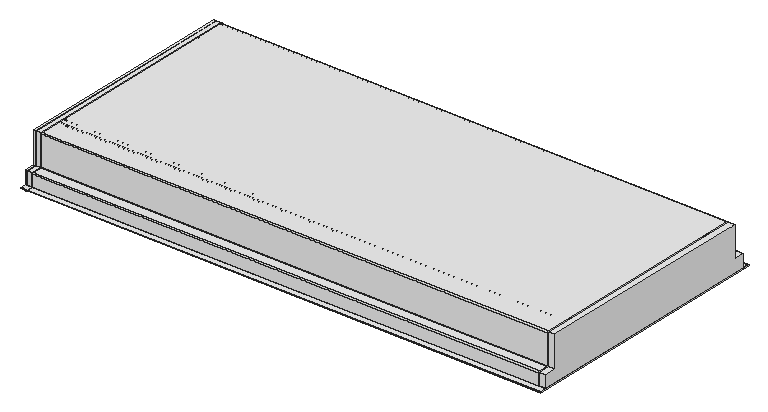
Revit family "MSUi", category Lighting Fixtures, host Ceiling, Revit 2019
Family settings
  Host = Ceiling
  Round Connector Dimension = Use Diameter
  Part Type = Normal
  OmniClass Number = 23.80.70.11.14.17
  OmniClass Title = Direct/Indirect
  Always vertical = Yes
  Cut with Voids When Loaded = No
  Light Source = Yes
  Shared = No
  Room Calculation Point = No
Parameters (values of type "MSUi-2X4-LED840KxxL_50GUNV")
  Width = 1' - 11 3/4"
  Wattage = 70 W
  built-in parameter 1150110 = 1 (stored number, unit not read)
  Voltage = 120 V
  URL = "https://www.viscor.com/en/products/msui"
  built-in parameter 1114217 = 0.9 (stored number, unit not read)
  Tilt Angle = 90.00°
  built-in parameter 1150109 = 1 (stored number, unit not read)
  built-in parameter 1150134 = 12
  built-in parameter 1150113 = 1 (stored number, unit not read)
  Photometric Web File = "MSUi-2X4-LED840KxxL_50GUNV.ies"
  Model = "MSUi"  # constant formula
  Manufacturer = "CERTOLUX by VISCOR"  # constant formula
  Lumens = 4970 lm
  built-in parameter 1150115 = 1 (stored number, unit not read)
  built-in parameter 1150105 = 395.5 (stored number, unit not read)
  built-in parameter 1150137 = (empty or 0)
  built-in parameter 1150139 = (empty or 0)
  Lens Finish Green = Acrylic - Viscor - Frosted Prismatic P12 Green
  Lens Finish = Acrylic - Viscor - Frosted Prismatic P12
  Length = 3' - 11 3/4"
  Lamp Wattage = 70 VA
  built-in parameter 1150112 = 1 (stored number, unit not read)
  built-in parameter 1150114 = 1 (stored number, unit not read)
  Lamp = "LED"  # constant formula
  built-in parameter 1150132 = (empty or 0)
  built-in parameter 1150102 = (empty or 0)
  built-in parameter 1150138 = (empty or 0)
  built-in parameter 1150107 = 4000 (stored number, unit not read)
  built-in parameter 1150106 = 3.955 (stored number, unit not read)
  Housing Finish = Metal - Viscor - White
  Emit from Rectangle Width = Width  # 1' - 11 3/4"
  Emit from Rectangle Length = Length  # 3' - 11 3/4"
  Emit Shape Visible in Rendering = no
  built-in parameter 1150104 = 6.5961 (stored number, unit not read)
  Dimming Lamp Color Temperature Shift = <None>
  Description = "LED Recessed Medical Surgical with Inset Door Frame"  # constant formula
  Color Filter = 8454016
  built-in parameter 1114218 = 1 (stored number, unit not read)
  built-in parameter 1150133 = 10 (stored number, unit not read)
  Assembly Code = "D5020200"
  Apparent Load = Lamp Wattage  # 70 VA
Types (22): name | Width | Wattage | Photometric Web File | Lumens | built-in parameter 1150105 | Lens Finish Green | Length | Lamp Wattage | built-in parameter 1150106 | Emit from Rectangle Width | Emit from Rectangle Length | built-in parameter 1150104 | Color Filter | Apparent Load
  (no name) | 1' - 11 3/4" | 70 W | "MSUi-2X4-LED840KxxL_50GUNV.ies" | 4970 lm | 395.5 (stored number, unit not read) | Acrylic - Viscor - Frosted Prismatic P12 Green | 3' - 11 3/4" | 70 VA | 3.955 (stored number, unit not read) | 1' - 11 3/4" | 3' - 11 3/4" | 6.5961 (stored number, unit not read) | 8454016 | 70 VA
  MSUi-1X4-LED840K035LUNV | 0' - 11 3/4" | 32 W | "MSUi-1X4-LED840K035LUNV.ies" | 3584 lm | 285.21 (stored number, unit not read) | Default | 3' - 11 3/4" | 32 VA | 2.8521 (stored number, unit not read) | 0' - 11 3/4" | 3' - 11 3/4" | 10.405 (stored number, unit not read) | 16777215 | 32 VA
  MSUi-2X2-LED840K035LUNV | 1' - 11 3/4" | 31 W | "MSUi-2X2-LED840K035LUNV.ies" | 3565 lm | 283.69 (stored number, unit not read) | Default | 1' - 11 3/4" | 31 VA | 2.8369 (stored number, unit not read) | 1' - 11 3/4" | 1' - 11 3/4" | 10.684 (stored number, unit not read) | 16777215 | 31 VA
  MSUi-2X4-LED840K055LUNV | 1' - 11 3/4" | 45 W | "MSUi-2X4-LED840K055LUNV.ies" | 5535 lm | 440.46 (stored number, unit not read) | Default | 3' - 11 3/4" | 45 VA | 4.4046 (stored number, unit not read) | 1' - 11 3/4" | 3' - 11 3/4" | 11.427 (stored number, unit not read) | 16777215 | 45 VA
  MSUi-1X4-LED840K055LUNV | 0' - 11 3/4" | 51 W | "MSUi-1X4-LED840K055LUNV.ies" | 5559 lm | 442.37 (stored number, unit not read) | Default | 3' - 11 3/4" | 51 VA | 4.4237 (stored number, unit not read) | 0' - 11 3/4" | 3' - 11 3/4" | 10.126 (stored number, unit not read) | 16777215 | 51 VA
  MSUi-1X4-LED840K070LUNV | 0' - 11 3/4" | 68 W | "MSUi-1X4-LED840K070LUNV.ies" | 7072 lm | 562.77 (stored number, unit not read) | Default | 3' - 11 3/4" | 68 VA | 5.6277 (stored number, unit not read) | 0' - 11 3/4" | 3' - 11 3/4" | 9.6619 (stored number, unit not read) | 16777215 | 68 VA
  MSUi-1X4-LED840K100LUNV | 0' - 11 3/4" | 96 W | "MSUi-1X4-LED840K100LUNV.ies" | 10080 lm | 802.14 (stored number, unit not read) | Default | 3' - 11 3/4" | 96 VA | 8.0214 (stored number, unit not read) | 0' - 11 3/4" | 3' - 11 3/4" | 9.7548 (stored number, unit not read) | 16777215 | 96 VA
  MSUi-2X2-LED840K055LUNV | 1' - 11 3/4" | 50 W | "MSUi-2X2-LED840K055LUNV.ies" | 5550 lm | 441.65 (stored number, unit not read) | Default | 1' - 11 3/4" | 50 VA | 4.4165 (stored number, unit not read) | 1' - 11 3/4" | 1' - 11 3/4" | 10.312 (stored number, unit not read) | 16777215 | 50 VA
  MSUi-2X2-LED840K070LUNV | 1' - 11 3/4" | 65 W | "MSUi-2X2-LED840K070LUNV.ies" | 7020 lm | 558.63 (stored number, unit not read) | Default | 1' - 11 3/4" | 65 VA | 5.5863 (stored number, unit not read) | 1' - 11 3/4" | 1' - 11 3/4" | 10.034 (stored number, unit not read) | 16777215 | 65 VA
  MSUi-2X2-LED840K100LUNV | 1' - 11 3/4" | 93 W | "MSUi-2X2-LED840K100LUNV.ies" | 10137 lm | 806.68 (stored number, unit not read) | Default | 1' - 11 3/4" | 93 VA | 8.0668 (stored number, unit not read) | 1' - 11 3/4" | 1' - 11 3/4" | 10.126 (stored number, unit not read) | 16777215 | 93 VA
  MSUi-2X4-LED840K070LUNV | 1' - 11 3/4" | 59 W | "MSUi-2X4-LED840K070LUNV.ies" | 7080 lm | 563.41 (stored number, unit not read) | none | 3' - 11 3/4" | 59 VA | 5.6341 (stored number, unit not read) | 1' - 11 3/4" | 3' - 11 3/4" | 11.148 (stored number, unit not read) | 16777215 | 59 VA
  MSUi-2X4-LED840K100LUNV | 1' - 11 3/4" | 80 W | "MSUi-2X4-LED840K100LUNV.ies" | 10080 lm | 802.14 (stored number, unit not read) | none | 3' - 11 3/4" | 80 VA | 8.0214 (stored number, unit not read) | 1' - 11 3/4" | 3' - 11 3/4" | 11.706 (stored number, unit not read) | 16777215 | 80 VA
  MSUi-2X4-LED840K120LUNV | 1' - 11 3/4" | 99 W | "MSUi-2X4-LED840K120LUNV.ies" | 12078 lm | 961.14 (stored number, unit not read) | none | 3' - 11 3/4" | 99 VA | 9.6114 (stored number, unit not read) | 1' - 11 3/4" | 3' - 11 3/4" | 11.334 (stored number, unit not read) | 16777215 | 99 VA
  MSUi-2X4-LED840K180LUNV | 1' - 11 3/4" | 143 W | "MSUi-2X4-LED840K180LUNV.ies" | 18161 lm | 1445.2 (stored number, unit not read) | none | 3' - 11 3/4" | 143 VA | 14.452 (stored number, unit not read) | 1' - 11 3/4" | 3' - 11 3/4" | 11.799 (stored number, unit not read) | 16777215 | 143 VA
  MSUi-2X4-LED840K240LUNV | 1' - 11 3/4" | 198 W | "MSUi-2X4-LED840K240LUNV.ies" | 24156 lm | 1922.3 (stored number, unit not read) | none | 3' - 11 3/4" | 198 VA | 19.223 (stored number, unit not read) | 1' - 11 3/4" | 3' - 11 3/4" | 11.334 (stored number, unit not read) | 16777215 | 198 VA
  MSUi-1X4-LED840KxxL_32GUNV | 0' - 11 3/4" | 51 W | "MSUi-1X4-LED840KxxL_32GUNV.ies" | 3162 lm | 251.62 (stored number, unit not read) | Acrylic - Viscor - Frosted Prismatic P12 Green | 3' - 11 3/4" | 51 VA | 2.5162 (stored number, unit not read) | 0' - 11 3/4" | 3' - 11 3/4" | 5.76 (stored number, unit not read) | 8454016 | 51 VA
  MSUi-1X4-LED840KxxL_50GUNV | 0' - 11 3/4" | 80 W | "MSUi-1X4-LED840KxxL_50GUNV.ies" | 4960 lm | 394.7 (stored number, unit not read) | Acrylic - Viscor - Frosted Prismatic P12 Green | 3' - 11 3/4" | 80 VA | 3.947 (stored number, unit not read) | 0' - 11 3/4" | 3' - 11 3/4" | 5.76 (stored number, unit not read) | 8454016 | 80 VA
  MSUi-2X2-LED840KxxL_32GUNV | 1' - 11 3/4" | 51 W | "MSUi-2X2-LED840KxxL_32GUNV.ies" | 3213 lm | 255.68 (stored number, unit not read) | Acrylic - Viscor - Frosted Prismatic P12 Green | 1' - 11 3/4" | 51 VA | 2.5568 (stored number, unit not read) | 1' - 11 3/4" | 1' - 11 3/4" | 5.8529 (stored number, unit not read) | 8454016 | 51 VA
  MSUi-2X2-LED840KxxL_50GUNV | 1' - 11 3/4" | 80 W | "MSUi-2X2-LED840KxxL_50GUNV.ies" | 4960 lm | 394.7 (stored number, unit not read) | Acrylic - Viscor - Frosted Prismatic P12 Green | 1' - 11 3/4" | 50 VA | 3.947 (stored number, unit not read) | 1' - 11 3/4" | 1' - 11 3/4" | 5.76 (stored number, unit not read) | 8454016 | 50 VA
  MSUi-2X4-LED840KxxL_32GUNV | 1' - 11 3/4" | 45 W | "MSUi-2X4-LED840KxxL_32GUNV.ies" | 3195 lm | 254.25 (stored number, unit not read) | Acrylic - Viscor - Frosted Prismatic P12 Green | 3' - 11 3/4" | 45 VA | 2.5425 (stored number, unit not read) | 1' - 11 3/4" | 3' - 11 3/4" | 6.5961 (stored number, unit not read) | 8454016 | 45 VA
  MSUi-2X4-LED840KxxL_50GUNV | 1' - 11 3/4" | 70 W | "MSUi-2X4-LED840KxxL_50GUNV.ies" | 4970 lm | 395.5 (stored number, unit not read) | Acrylic - Viscor - Frosted Prismatic P12 Green | 3' - 11 3/4" | 70 VA | 3.955 (stored number, unit not read) | 1' - 11 3/4" | 3' - 11 3/4" | 6.5961 (stored number, unit not read) | 8454016 | 70 VA
  MSUi-2X4-LED840KxxL_100GUNV | 1' - 11 3/4" | 139 W | "MSUi-2X4-LED840KxxL_100GUNV.ies" | 10008 lm | 796.41 (stored number, unit not read) | Acrylic - Viscor - Frosted Prismatic P12 Green | 3' - 11 3/4" | 139 VA | 7.9641 (stored number, unit not read) | 1' - 11 3/4" | 3' - 11 3/4" | 6.689 (stored number, unit not read) | 8454016 | 139 VA
Reference planes (in)
  plane 1 "Light Source Axis (F/B)": y = 0
  plane 2 "Ceiling": z = 96
  plane 3 "Light Source Axis (L/R)": x = 0
  plane 4 "Light Source Elevation": z = 96
  plane 5: y = 11.875
  plane 6: y = -11.875
  plane 7 "Left": x = -23.875
  plane 8 "Right": x = 23.875
  plane 9: x = -23.25
  plane 10: x = 23.25
  plane 11: x = -22.625
  plane 12: x = 22.625
  plane 13 "USofFrame": z = 96.045
  plane 14: y = -11.25
  plane 15: y = 11.25
  plane 16 "Lens": z = 96.17
Forms (in)
  Extrusion 1, solid, material "Metal - Viscor - White" <- "Housing Finish"
    sketch origin (0, 0, 0) x (0, 1, 0) y (0, 0, 1)
      loop
        arc (11.3015, 97.168) -> (11.28217, 97.21467) -> (11.2355, 97.234) r 0.066
        line (11.2355, 97.234) -> (10.3115, 97.234)
        arc (10.3115, 97.234) -> (10.29029, 97.24279) -> (10.2815, 97.264) r 0.03
        line (10.2815, 97.264) -> (10.2815, 100.007)
        arc (10.2815, 100.007) -> (10.26217, 100.05367) -> (10.2155, 100.073) r 0.066
        line (10.2155, 100.073) -> (-10.2155, 100.073)
        arc (-10.2155, 100.073) -> (-10.26217, 100.05367) -> (-10.2815, 100.007) r 0.066
        line (-10.2815, 100.007) -> (-10.2815, 97.264)
        arc (-10.2815, 97.264) -> (-10.29029, 97.24279) -> (-10.3115, 97.234) r 0.03
        line (-10.3115, 97.234) -> (-11.2355, 97.234)
        arc (-11.2355, 97.234) -> (-11.28217, 97.21467) -> (-11.3015, 97.168) r 0.066
        line (-11.3015, 97.168) -> (-11.3015, 96.073) -> (-11.26634, 96.073) -> (-11.26634, 97.168)
        arc (-11.26634, 97.168) -> (-11.25731, 97.18981) -> (-11.2355, 97.19884) r 0.03084
        line (-11.2355, 97.19884) -> (-10.3115, 97.19884)
        arc (-10.3115, 97.19884) -> (-10.26543, 97.21793) -> (-10.24634, 97.264) r 0.06516
        line (-10.24634, 97.264) -> (-10.24634, 100.007)
        arc (-10.24634, 100.007) -> (-10.23731, 100.02881) -> (-10.2155, 100.03784) r 0.03084
        line (-10.2155, 100.03784) -> (10.2155, 100.03784)
        arc (10.2155, 100.03784) -> (10.23731, 100.02881) -> (10.24634, 100.007) r 0.03084
        line (10.24634, 100.007) -> (10.24634, 97.264)
        arc (10.24634, 97.264) -> (10.26543, 97.21793) -> (10.3115, 97.19884) r 0.06516
        line (10.3115, 97.19884) -> (11.2355, 97.19884)
        arc (11.2355, 97.19884) -> (11.25731, 97.18981) -> (11.26634, 97.168) r 0.03084
        line (11.26634, 97.168) -> (11.26634, 96.073) -> (11.3015, 96.073) -> (11.3015, 97.168)
    from -23.25 to 23.25
  Extrusion 2, solid
    sketch origin (0, 0, 0) x (0, 1, 0) y (0, 0, 1)
      loop
        arc (7.664, 100.03702) -> (7.61097, 100.01506) -> (7.58901, 99.96204) r 0.07499
        line (7.58901, 99.96204) -> (7.589, 99.487)
        arc (7.589, 99.487) -> (7.57758, 99.45942) -> (7.55, 99.448) r 0.039
        line (7.55, 99.448) -> (-7.55, 99.448)
        arc (-7.55, 99.448) -> (-7.57758, 99.45942) -> (-7.589, 99.487) r 0.039
        line (-7.589, 99.487) -> (-7.589, 99.96195)
        arc (-7.589, 99.96195) -> (-7.61097, 100.01498) -> (-7.664, 100.037) r 0.075
        line (-7.664, 100.037) -> (-8.214, 100.037) -> (-8.214, 100.00184) -> (-7.664, 100.00179)
        arc (-7.664, 100.00179) -> (-7.63583, 99.99012) -> (-7.62416, 99.96195) r 0.03984
        line (-7.62416, 99.96195) -> (-7.62416, 99.487)
        arc (-7.62416, 99.487) -> (-7.60244, 99.43456) -> (-7.55, 99.41284) r 0.07416
        line (-7.55, 99.41284) -> (7.55, 99.41284)
        arc (7.55, 99.41284) -> (7.60244, 99.43456) -> (7.62417, 99.487) r 0.07416
        line (7.62417, 99.487) -> (7.62417, 99.96204)
        arc (7.62417, 99.96204) -> (7.63583, 99.9902) -> (7.664, 100.00187) r 0.03983
        line (7.664, 100.00187) -> (8.214, 100.00187) -> (8.214, 100.03702) -> (7.664, 100.03702)
    from -23.25 to 23.25
  Extrusion 3, solid, material "Metal - Viscor - White" <- "Housing Finish"
    sketch origin (0, 0, 0) x (0, 1, 0) y (0, 0, 1)
      loop
        line (11.299, 96.095) -> (11.299, 97.234) -> (10.2815, 97.234) -> (10.2815, 100.073) -> (-10.2815, 100.073) -> (-10.2815, 97.234) -> (-11.3015, 97.234) -> (-11.3015, 96.095) -> (11.299, 96.095)
    from -23.875 to -23.25
  Extrusion 4, void
    sketch origin (-23.25, 0, 0) x (0, -1, 0) y (0, 0, 1)
      loop
        line (10.24634, 100.03784) -> (-10.24634, 100.03784) -> (-10.24634, 97.19884) -> (-11.26384, 97.19884) -> (-11.26384, 96.13016) -> (11.26634, 96.13016) -> (11.26634, 97.19884) -> (10.24634, 97.19884) -> (10.24634, 100.03784)
    from 0 to 0.47339
  Extrusion 5, solid, material "Metal - Viscor - White" <- "Housing Finish"
    sketch origin (0, 0, 0) x (0, 1, 0) y (0, 0, -1)
      loop
        line (11.299, -96.095) -> (-11.3015, -96.095) -> (-11.3015, -97.234) -> (-10.2815, -97.234) -> (-10.2815, -100.073) -> (10.2815, -100.073) -> (10.2815, -97.234) -> (11.299, -97.234) -> (11.299, -96.095)
    from -23.875 to -23.25
  Extrusion 6, void
    sketch origin (23.25, 0, 0) x (0, -1, 0) y (0, 0, -1)
      loop
        line (10.24634, -100.03784) -> (10.24634, -97.19884) -> (11.26634, -97.19884) -> (11.26634, -96.13016) -> (-11.26384, -96.13016) -> (-11.26384, -97.19884) -> (-10.24634, -97.19884) -> (-10.24634, -100.03784) -> (10.24634, -100.03784)
    from 0 to 0.47339
  Extrusion 7, solid, material "Metal - Viscor - White" <- "Housing Finish"
    sketch origin (0, 0, 0) x (0, 1, 0) y (0, 0, 1)
      loop
        line (10.39827, 96.724) -> (9.1406, 97.23213) -> (7.45632, 99.38791)
        arc (7.45632, 99.38791) -> (7.43432, 99.40566) -> (7.40677, 99.412) r 0.063
        line (7.40677, 99.412) -> (6.8125, 99.412) -> (6.8125, 99.38075) -> (7.42226, 99.38075) -> (9.12113, 97.20629) -> (10.38657, 96.69503) -> (10.39827, 96.724)
    from -22.625 to 22.625
  Extrusion 8, solid, material "Metal - Viscor - White" <- "Housing Finish"
    sketch origin (0, 0, 0) x (0, -1, 0) y (0, 0, -1)
      loop
        line (10.39827, -96.724) -> (10.38657, -96.69503) -> (9.12113, -97.20629) -> (7.42226, -99.38075) -> (6.8125, -99.38075) -> (6.8125, -99.412) -> (7.40677, -99.412)
        arc (7.40677, -99.412) -> (7.43432, -99.40566) -> (7.45632, -99.38791) r 0.063
        line (7.45632, -99.38791) -> (9.1406, -97.23213) -> (10.39827, -96.724)
    from -22.625 to 22.625
  Extrusion 9, solid, material "Metal - Viscor - White" <- "Housing Finish"
    sketch origin (0, 0, 0) x (0, 1, 0) y (0, 0, 1)
      loop
        line (11.8745, 96) -> (11.8745, 96.04687) -> (11.2715, 96.04688)
        arc (11.2715, 96.04688) -> (11.24313, 96.05863) -> (11.23067, 96.087) r 0.04012
        line (11.23067, 96.087) -> (11.23067, 96.63488) -> (-11.23138, 96.63488) -> (-11.23138, 96.087)
        arc (-11.23138, 96.087) -> (-11.24313, 96.05863) -> (-11.2715, 96.04687) r 0.04012
        line (-11.2715, 96.04687) -> (-11.8745, 96.04687) -> (-11.8745, 96) -> (-11.2715, 96)
        arc (-11.2715, 96) -> (-11.20998, 96.02548) -> (-11.1845, 96.087) r 0.087
        line (-11.1845, 96.087) -> (-11.1845, 96.588) -> (11.18379, 96.588) -> (11.1845, 96.087)
        arc (11.1845, 96.087) -> (11.20998, 96.02548) -> (11.2715, 96) r 0.087
        line (11.2715, 96) -> (11.8745, 96)
    from -23.875 to 23.875
  Extrusion 10, solid, material "Metal - Viscor - White" <- "Housing Finish"
    sketch origin (0, 0, 96) x (1, 0, 0) y (0, 1, 0)
      loop
        line (-23.875, -11.875) -> (-23.25, -11.875) -> (-23.25, 11.875) -> (-23.875, 11.875) -> (-23.875, -11.875)
    from 0 to 0.045
  Extrusion 11, solid, material "Metal - Viscor - White" <- "Housing Finish"
    sketch origin (0, 0, 96) x (1, 0, 0) y (0, 1, 0)
      loop
        line (23.25, -11.875) -> (23.875, -11.875) -> (23.875, 11.875) -> (23.25, 11.875) -> (23.25, -11.875)
    from 0 to 0.045
  Extrusion 12, solid, material "Metal - Viscor - White" <- "Housing Finish"
    sketch origin (0, 0, 96) x (1, 0, 0) y (0, 1, 0)
      loop
        line (-23.25, -11.25) -> (23.25, -11.25) -> (23.25, 11.25) -> (-23.25, 11.25) -> (-23.25, -11.25)
      loop
        line (-22, -10) -> (22, -10) -> (22, 10) -> (-22, 10) -> (-22, -10)
    from 0 to 0.045
  Extrusion 13, void
    sketch origin (0, 0, 96) x (1, 0, 0) y (0, 1, 0)
      loop
        line (-22.625, -9.5905) -> (22.625, -9.5905) -> (22.625, 9.5905) -> (-22.625, 9.5905) -> (-22.625, -9.5905)
    from 0.048 to 0.25572
  Extrusion 14, solid, material "Acrylic - Viscor - Frosted Prismatic P12 Green" <- "Lens Finish Green"
    sketch origin (0, 0, 96) x (1, 0, 0) y (0, 1, 0)
      loop
        line (-22.25, -10.25) -> (22.25, -10.25) -> (22.25, 10.25) -> (-22.25, 10.25) -> (-22.25, -10.25)
    from 0.045 to 0.17
  Extrusion 15, void
    sketch origin (43.99109, -53.88196, 0) x (1, 0, 0) y (0, 1, 0)
      loop
        line (-67.86609, 65.75696) -> (-67.86609, 42.00696) -> (-20.11609, 42.00696) -> (-20.11609, 65.75696) -> (-67.86609, 65.75696)
    from 95.73163 to 100.39174
Cuts and joins
  Extrusion 4, Extrusion 6, Extrusion 13 cuts Extrusion 2
  Extrusion 4, Extrusion 6 cuts Extrusion 3
  Extrusion 6 cuts Extrusion 5
  Extrusion 13 cuts Extrusion 1
  Extrusion 13 cuts Extrusion 7
  Extrusion 13 cuts Extrusion 8
  Extrusion 13 cuts Extrusion 9
  Extrusion 13 cuts Extrusion 12
Dimensions and locks (in)
  equal spacing: host sketch curve, plane 3 "Light Source Axis (L/R)", host sketch curve
  equal spacing: host sketch curve, plane 1 "Light Source Axis (F/B)", host sketch curve
  host sketch curve to host sketch curve = 10' - 0"  (x2)
  locked: import instance to host ceiling at 4.109
  equal spacing: plane 7 "Left", plane 3 "Light Source Axis (L/R)", plane 8 "Right"
  "Length": plane 7 "Left" to plane 8 "Right"
  equal spacing: plane 5, plane 1 "Light Source Axis (F/B)", plane 6
  "Width": plane 5 to plane 6
  locked: plane 11 to plane 9 at 0.625
  locked: plane 7 "Left" to plane 9 at 0.625
  plane 12 to plane 10 = 0' - 0 5/8"
  plane 10 to plane 8 "Right" = 0' - 0 5/8"
  locked: plane 13 "USofFrame" to plane 2 "Ceiling" at 0.045
  equal spacing: plane 5, Extrusion 12 sketch curve, Extrusion 12 sketch curve
  equal spacing: plane 7 "Left", Extrusion 12 sketch curve, Extrusion 12 sketch curve
  locked: plane 6 to Extrusion 12 sketch curve at 0.625
  locked: plane 8 "Right" to Extrusion 12 sketch curve at 0.625
  plane 16 "Lens" to plane 13 "USofFrame" = 0' - 0 1/8"
  aligned and locked: plane 3 "Light Source Axis (L/R)" to imposter light
  aligned and locked: plane 1 "Light Source Axis (F/B)" to imposter light
  aligned and locked: plane 4 "Light Source Elevation" to imposter light
  aligned and locked: Extrusion 1 to plane 9
  aligned and locked: plane 10 to Extrusion 1
  aligned and locked: Extrusion 2 to plane 9
  aligned and locked: plane 10 to Extrusion 2
  aligned and locked: Extrusion 3 to plane 7 "Left"
  aligned and locked: plane 9 to Extrusion 3
  aligned and locked: Extrusion 7 to plane 11
  aligned and locked: plane 12 to Extrusion 7
  aligned and locked: Extrusion 8 to plane 11
  aligned and locked: plane 12 to Extrusion 8
  aligned and locked: plane 8 "Right" to cut or joined group of Extrusion 5, Extrusion 6
  aligned and locked: cut or joined group of Extrusion 5, Extrusion 6 to plane 10
  aligned and locked: Extrusion 9 to plane 7 "Left"
  aligned and locked: plane 8 "Right" to Extrusion 9
  aligned and locked: Extrusion 10 sketch curve to plane 7 "Left"
  aligned and locked: plane 9 to Extrusion 10 sketch curve
  aligned and locked: plane 13 "USofFrame" to Extrusion 10
  aligned and locked: Extrusion 11 sketch curve to plane 10
  aligned and locked: Extrusion 11 sketch curve to plane 6
  aligned and locked: plane 5 to Extrusion 11 sketch curve
  aligned and locked: plane 13 "USofFrame" to Extrusion 11
  aligned and locked: plane 13 "USofFrame" to Extrusion 12
  aligned and locked: Extrusion 14 to plane 13 "USofFrame"
  aligned and locked: plane 16 "Lens" to Extrusion 14
  aligned and locked: Extrusion 15 to plane 7 "Left"
  aligned and locked: plane 8 "Right" to Extrusion 15
  aligned and locked: Extrusion 15 to plane 6
  aligned and locked: plane 5 to Extrusion 15
Automatic sketch dimensions
  Extrusion 1 sketch curve to Extrusion 1 sketch curve = 0' - 0"  (x12)
  plane 2 "Ceiling" to Extrusion 1 sketch curve = 0' - 0.073"  (x2)
  plane 6 to Extrusion 1 sketch curve = 0' - 0.5735"
  Extrusion 1 sketch curve to Extrusion 1 sketch curve = 0' - 0 9/256"
  Extrusion 1 sketch curve to Extrusion 1 sketch curve = 0' - 0.03084"  (x4)
  Extrusion 1 sketch curve to Extrusion 1 sketch curve = 0' - 0.924"
  Extrusion 1 sketch curve to Extrusion 1 sketch curve = 0' - 0.03"  (x2)
  Extrusion 1 sketch curve to plane 5 = 0' - 1.6595"
  Extrusion 1 sketch curve to plane 5 = 0' - 0.6395"
  Extrusion 1 sketch curve to Extrusion 1 sketch curve = 0' - 1.095"  (x2)
  Extrusion 1 sketch curve to Extrusion 1 sketch curve = 0' - 2.743"
  Extrusion 2 sketch curve to Extrusion 2 sketch curve = 0' - 0"  (x18)
  plane 6 to Extrusion 2 sketch curve = 0' - 3.661"
  Extrusion 2 sketch curve to Extrusion 2 sketch curve = 0' - 0.55"  (x2)
  Extrusion 2 sketch curve to Extrusion 2 sketch curve = 0' - 0.03984"
  Extrusion 2 sketch curve to Extrusion 2 sketch curve = 0' - 0 9/256"  (x4)
  Extrusion 2 sketch curve to Extrusion 2 sketch curve = 0' - 0.039"  (x3)
  Extrusion 2 sketch curve to plane 5 = 0' - 4.325"
  Extrusion 2 sketch curve to Extrusion 2 sketch curve = 0' - 0.03901"
  Extrusion 2 sketch curve to Extrusion 2 sketch curve = 0' - 0.03983"
  plane 2 "Ceiling" to Extrusion 2 sketch curve = 0' - 3.41284"
  Extrusion 2 sketch curve to Extrusion 2 sketch curve = 0' - 0.47495"
  Extrusion 2 sketch curve to Extrusion 2 sketch curve = 0' - 0.47504"
  Extrusion 2 sketch curve to Extrusion 2 sketch curve = 0' - 0.00005"
  plane 2 "Ceiling" to Extrusion 3 sketch curve = 0' - 0.095"
  plane 6 to Extrusion 3 sketch curve = 0' - 0.5735"
  Extrusion 3 sketch curve to Extrusion 3 sketch curve = 0' - 1.02"
  Extrusion 3 sketch curve to plane 5 = 0' - 1.5935"
  Extrusion 3 sketch curve to plane 5 = 0' - 0.576"
  Extrusion 3 sketch curve to Extrusion 3 sketch curve = 0' - 1.139"  (x2)
  Extrusion 3 sketch curve to Extrusion 3 sketch curve = 0' - 2.839"
  Extrusion 3 to Extrusion 4 sketch curve = 0' - 0 9/256"  (x8)
  plane 2 "Ceiling" to Extrusion 5 sketch curve = 0' - 0.095"
  plane 6 to Extrusion 5 sketch curve = 0' - 0.5735"
  Extrusion 5 sketch curve to Extrusion 5 sketch curve = 0' - 1.02"
  Extrusion 5 sketch curve to plane 5 = 0' - 1.5935"
  Extrusion 5 sketch curve to plane 5 = 0' - 0.576"
  plane 2 "Ceiling" to Extrusion 5 sketch curve = 0' - 1.234"
  Extrusion 5 sketch curve to Extrusion 5 sketch curve = 0' - 1.139"
  Extrusion 5 sketch curve to Extrusion 5 sketch curve = 0' - 2.839"
  Extrusion 5 to Extrusion 6 sketch curve = 0' - 0 9/256"  (x8)
  Extrusion 7 sketch curve to plane 5 = 0' - 5 1/16"
  Extrusion 7 sketch curve to Extrusion 7 sketch curve = 0' - 0.59427"
  Extrusion 7 sketch curve to Extrusion 7 sketch curve = 0' - 0.01549"
  Extrusion 7 sketch curve to Extrusion 7 sketch curve = 0' - 0.03406"
  plane 2 "Ceiling" to Extrusion 7 sketch curve = 0' - 1.20629"
  Extrusion 7 sketch curve to Extrusion 7 sketch curve = 0' - 1.71436"
  plane 2 "Ceiling" to Extrusion 7 sketch curve = 0' - 1.23213"
  Extrusion 7 sketch curve to Extrusion 7 sketch curve = 0' - 0.01947"
  plane 2 "Ceiling" to Extrusion 7 sketch curve = 0' - 0.69503"
  Extrusion 7 sketch curve to Extrusion 7 sketch curve = 0' - 1.24597"
  Extrusion 7 sketch curve to Extrusion 7 sketch curve = 0' - 2.11687"
  Extrusion 7 sketch curve to Extrusion 7 sketch curve = 0' - 0.03175"
  Extrusion 7 sketch curve to Extrusion 7 sketch curve = 0' - 0.00716"
  Extrusion 7 sketch curve to Extrusion 7 sketch curve = 0' - 0 1/32"
  Extrusion 7 sketch curve to Extrusion 7 sketch curve = 0' - 0"
  Extrusion 8 sketch curve to plane 6 = 0' - 5 1/16"
  Extrusion 8 sketch curve to Extrusion 8 sketch curve = 0' - 0.59427"
  Extrusion 8 sketch curve to Extrusion 8 sketch curve = 0' - 0.01549"
  Extrusion 8 sketch curve to Extrusion 8 sketch curve = 0' - 0.03406"
  Extrusion 8 sketch curve to plane 2 "Ceiling" = 0' - 1.20629"
  Extrusion 8 sketch curve to Extrusion 8 sketch curve = 0' - 1.71436"
  Extrusion 8 sketch curve to plane 2 "Ceiling" = 0' - 1.23213"
  Extrusion 8 sketch curve to Extrusion 8 sketch curve = 0' - 0.01947"
  Extrusion 8 sketch curve to plane 2 "Ceiling" = 0' - 0.69503"
  Extrusion 8 sketch curve to Extrusion 8 sketch curve = 0' - 1.24597"
  Extrusion 8 sketch curve to Extrusion 8 sketch curve = 0' - 2.11687"
  Extrusion 8 sketch curve to Extrusion 8 sketch curve = 0' - 0.03175"
  Extrusion 8 sketch curve to Extrusion 8 sketch curve = 0' - 0.00716"
  Extrusion 8 sketch curve to Extrusion 8 sketch curve = 0' - 0 1/32"
  Extrusion 8 sketch curve to Extrusion 8 sketch curve = 0' - 0"
  Extrusion 9 sketch curve to Extrusion 9 sketch curve = 0' - 0"  (x15)
  plane 6 to Extrusion 9 sketch curve = 0' - 0.0005"
  plane 2 "Ceiling" to Extrusion 9 sketch curve = 0' - 0.087"  (x2)
  plane 6 to Extrusion 9 sketch curve = 0' - 0.6035"
  Extrusion 9 sketch curve to Extrusion 9 sketch curve = 0' - 0.04013"
  Extrusion 9 sketch curve to Extrusion 9 sketch curve = 0' - 0 3/64"  (x3)
  Extrusion 9 sketch curve to plane 5 = 0' - 0.69121"
  Extrusion 9 sketch curve to Extrusion 9 sketch curve = 0' - 0.04083"
  plane 2 "Ceiling" to Extrusion 9 sketch curve = 0' - 0 3/64"
  Extrusion 9 sketch curve to plane 2 "Ceiling" = 0' - 0"  (x2)
  Extrusion 9 sketch curve to Extrusion 9 sketch curve = 0' - 0.501"
  Extrusion 9 sketch curve to Extrusion 9 sketch curve = 0' - 0.00071"  (x2)
  Extrusion 9 sketch curve to plane 5 = 0' - 0.0005"
  Extrusion 10 sketch curve to plane 6 = 0' - 0"
  Extrusion 10 sketch curve to plane 5 = 0' - 0"
  Extrusion 11 sketch curve to plane 8 "Right" = 0' - 0"
  Extrusion 12 sketch curve to plane 9 = 0' - 0"
  plane 11 to Extrusion 12 sketch curve = 0' - 0 5/8"
  Extrusion 12 sketch curve to plane 12 = 0' - 0 5/8"
  Extrusion 12 sketch curve to Extrusion 12 sketch curve = 0' - 1 1/4"
  Extrusion 12 sketch curve to plane 5 = 0' - 1 7/8"
  Extrusion 12 sketch curve to plane 5 = 0' - 0 5/8"
  Extrusion 13 sketch curve to plane 11 = 0' - 0"
  Extrusion 13 sketch curve to plane 12 = 0' - 0"
  plane 6 to Extrusion 13 sketch curve = 0' - 2.2845"
  Extrusion 13 sketch curve to plane 5 = 0' - 2.2845"
  plane 11 to Extrusion 14 sketch curve = 0' - 0 3/8"
  Extrusion 14 sketch curve to plane 12 = 0' - 0 3/8"
  plane 6 to Extrusion 14 sketch curve = 0' - 1 5/8"
  Extrusion 14 sketch curve to plane 5 = 0' - 1 5/8"
  Extrusion 15 sketch curve to plane 5 = 1' - 11 3/4"
  Extrusion 15 sketch curve to plane 7 "Left" = 0' - 0"
  plane 7 "Left" to Extrusion 15 sketch curve = 3' - 11 3/4"
  Extrusion 15 sketch curve to Extrusion 15 sketch curve = 1' - 11 3/4"
Connectors (in)
  electrical at (0, 0, 96), driven by "Voltage", driven by "Apparent Load"
    settings: index 1, voltage 120 V, apparent load 0 VA, apparent load phase1 70 VA, apparent load phase2 0 VA, apparent load phase3 0 VA, power factor 1, load classification "Other", number of poles 1, system type 31, power factor state 1, is connector primary yes, connector utility no, sub classification motor no, connector description ""
